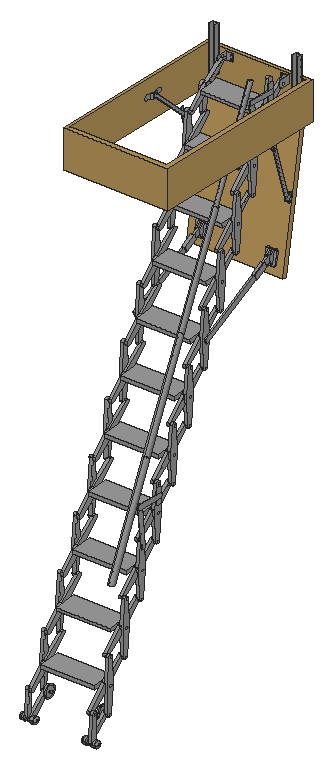
Revit family "schaartrap_Large 700x1200 mm", category Generic Models, Revit 2019 (continued)
Automatic sketch dimensions
  Extrusion 88 sketch curve to Extrusion 88 sketch curve = 13.998 mm
  Extrusion 88 sketch curve to plane 22 = 41.542 mm
  Extrusion 88 sketch curve to Extrusion 88 sketch curve = 0 mm  (x12)
  Extrusion 88 sketch curve to Extrusion 88 sketch curve = 6.458 mm
  Extrusion 88 sketch curve to Extrusion 88 sketch curve = 20 mm  (x10)
  Extrusion 88 sketch curve to Extrusion 88 sketch curve = 6.002 mm
  Extrusion 98 sketch curve to plane 20 = 2.056 mm
  Extrusion 98 sketch curve to plane 1 "Center (Front/Back)" = 155.896 mm
  Extrusion 98 sketch curve to plane 12 = 38.814 mm
  Extrusion 98 sketch curve to plane 22 = 207.245 mm
  Extrusion 98 sketch curve to plane 22 = 198.978 mm
  Extrusion 98 sketch curve to plane 19 = 35.672 mm
  plane 22 to Extrusion 98 sketch curve = 1104.638 mm
  Extrusion 98 sketch curve to Extrusion 98 sketch curve = 10.94 mm
  Extrusion 98 sketch curve to Extrusion 98 sketch curve = 0 mm  (x3)
  Extrusion 100 sketch curve to plane 1 "Center (Front/Back)" = 20 mm
  level to Extrusion 100 sketch curve = 20 mm
  Sweep 101 sketch curve to Sweep 101 sketch curve = 0 mm  (x2)
  Sweep 101 sketch curve to plane 1 "Center (Front/Back)" = 0 mm
  Sweep 101 sketch curve to Sweep 101 sketch curve = 20 mm
  level to Sweep 101 sketch curve = 20 mm
  Sweep 101 sketch curve to profile plane = 0 mm  (x2)
  Sweep 101 sketch curve to profile plane = 7.976 mm
  Sweep 101 sketch curve to Sweep 101 sketch curve = 2.281 mm
  Extrusion 102 sketch curve to plane 1 "Center (Front/Back)" = 20 mm
  level to Extrusion 102 sketch curve = 20 mm
  Sweep 103 sketch curve to Sweep 103 sketch curve = 0 mm  (x2)
  Sweep 103 sketch curve to plane 1 "Center (Front/Back)" = 0 mm
  Sweep 103 sketch curve to Sweep 103 sketch curve = 20 mm
  level to Sweep 103 sketch curve = 20 mm
  profile plane to Sweep 103 sketch curve = 0 mm
  Sweep 103 sketch curve to profile plane = 0 mm
  profile plane to Sweep 103 sketch curve = 7.976 mm
  Sweep 103 sketch curve to Sweep 103 sketch curve = 2.281 mm
  Extrusion 32 sketch curve to Extrusion 14 = 49.106 mm
  Extrusion 32 sketch curve to Extrusion 32 sketch curve = 10 mm  (x3)
  Extrusion 32 sketch curve to Extrusion 32 sketch curve = 73.838 mm
  Extrusion 32 sketch curve to Extrusion 32 sketch curve = 0 mm
  Extrusion 14 to Extrusion 32 sketch curve = 51.5 mm
  Extrusion 32 sketch curve to Extrusion 32 sketch curve = 51 mm
  Extrusion 41 sketch curve to Extrusion 14 = 49.106 mm
  Extrusion 41 sketch curve to Extrusion 41 sketch curve = 10 mm  (x3)
  Extrusion 41 sketch curve to Extrusion 41 sketch curve = 73.838 mm
  Extrusion 41 sketch curve to Extrusion 41 sketch curve = 0 mm
  Extrusion 14 to Extrusion 41 sketch curve = 122.5 mm
  Extrusion 41 sketch curve to Extrusion 41 sketch curve = 51 mm
  Extrusion 46 sketch curve to plane 17 = 44.5 mm
  Extrusion 46 sketch curve to Extrusion 46 sketch curve = 60 mm
  Extrusion 46 sketch curve to plane 17 = 10 mm
  Extrusion 53 sketch curve to plane 16 = 44.5 mm
  Extrusion 53 sketch curve to Extrusion 53 sketch curve = 60 mm
  Extrusion 53 sketch curve to plane 16 = 10 mm
  Extrusion 87 sketch curve to Extrusion 87 sketch curve = 0 mm  (x6)
  Extrusion 87 sketch curve to plane 17 = 25 mm
  Extrusion 87 sketch curve to Extrusion 87 sketch curve = 2 mm
  Extrusion 87 sketch curve to Extrusion 87 sketch curve = 1.001 mm
  plane 9 to Extrusion 87 sketch curve = 32.5 mm
  Extrusion 87 sketch curve to Extrusion 87 sketch curve = 1 mm
  Extrusion 87 sketch curve to plane 22 = 56 mm
  Extrusion 87 sketch curve to Extrusion 87 sketch curve = 26.999 mm
  Extrusion 89 sketch curve to Extrusion 89 sketch curve = 0 mm  (x4)
  Extrusion 89 sketch curve to plane 16 = 25 mm
  Extrusion 89 sketch curve to Extrusion 89 sketch curve = 2 mm
  Extrusion 89 sketch curve to Extrusion 89 sketch curve = 1.001 mm
  plane 7 to Extrusion 89 sketch curve = 32.5 mm
  Extrusion 89 sketch curve to Extrusion 89 sketch curve = 1 mm
  Extrusion 89 sketch curve to plane 22 = 26 mm
  Extrusion 89 sketch curve to Extrusion 89 sketch curve = 27 mm
  Extrusion 89 sketch curve to Extrusion 89 sketch curve = 26.999 mm
  curve 19 to plane 3 "Center (Left/Right)" = 25.981 mm
  plane 3 "Center (Left/Right)" to curve 16 = 25.981 mm
  curve 16 to plane 22 = 45 mm
  curve 1 to plane 1 "Center (Front/Back)" = 81.45 mm
  plane 23 to curve 1 = 137.015 mm
  plane 23 to curve 14 = 137.015 mm
  plane 23 to curve 13 = 137.015 mm
  curve 13 to curve 12 = 131.247 mm
  curve 12 to curve 11 = 131.246 mm
  curve 11 to curve 10 = 131.246 mm
  curve 10 to curve 9 = 131.246 mm
  curve 9 to curve 7 = 131.246 mm
  curve 7 to curve 6 = 131.246 mm
  curve 6 to curve 8 = 131.246 mm
  plane 17 to Extrusion 42 sketch curve = 1 mm
  Extrusion 42 sketch curve to plane 22 = 539.25 mm
  Extrusion 48 sketch curve to plane 20 = 0 mm
  Extrusion 48 sketch curve to plane 22 = 539.25 mm
  plane 16 to Extrusion 75 sketch curve = 1 mm
  Extrusion 75 sketch curve to plane 22 = 440.75 mm
  Extrusion 76 sketch curve to plane 19 = 0 mm
  Extrusion 76 sketch curve to plane 22 = 440.75 mm
  Extrusion 77 sketch curve to plane 21 = 7.045 mm
  Extrusion 77 sketch curve to plane 22 = 497.67 mm
  Extrusion 78 sketch curve to plane 12 = 57.668 mm
  Extrusion 78 sketch curve to plane 22 = 247.804 mm
  Extrusion 79 sketch curve to plane 8 = 0 mm
  Extrusion 79 sketch curve to plane 22 = 99.409 mm
  Extrusion 80 sketch curve to plane 22 = 77.381 mm
  Extrusion 81 sketch curve to plane 10 = 9.236 mm
  Extrusion 82 sketch curve to plane 22 = 105.409 mm
  Extrusion 85 sketch curve to plane 6 = 0 mm
  Extrusion 85 sketch curve to plane 22 = 26 mm
  Extrusion 86 sketch curve to plane 11 = 9.236 mm
  curve 8 to plane 10 = 0 mm
  curve 12 to plane 11 = 0 mm
  curve 13 to plane 10 = 0 mm
  curve 14 to plane 11 = 0 mm
  curve 16 to plane 3 "Center (Left/Right)" = 0 mm
  curve 18 to plane 3 "Center (Left/Right)" = 0 mm
  curve 19 to plane 3 "Center (Left/Right)" = 0 mm
  curve 5 to plane 14 = 0 mm
  curve 9 to plane 10 = 0 mm
  curve 11 to plane 10 = 0 mm
  curve 10 to plane 10 = 0 mm
  curve 12 to plane 10 = 0 mm
  curve 6 to plane 10 = 0 mm
  curve 7 to plane 10 = 0 mm
  curve 15 to plane 3 "Center (Left/Right)" = 0 mm
  curve 11 to plane 11 = 0 mm
  curve 8 to plane 11 = 0 mm
  curve 7 to plane 11 = 0 mm
  curve 6 to plane 11 = 0 mm
  curve 9 to plane 11 = 0 mm
  curve 10 to plane 11 = 0 mm
  curve 3 to plane 13 = 0 mm
  curve 2 to plane 23 = 0 mm
  curve 3 to plane 22 = 0 mm
  curve 14 to plane 22 = 0 mm
  curve 13 to plane 22 = 0 mm
  curve 18 to plane 22 = 0 mm
  curve 16 to plane 22 = 0 mm
  curve 15 to curve 17 = 0 mm
  curve 20 to plane 3 "Center (Left/Right)" = 0 mm
  curve 24 to plane 3 "Center (Left/Right)" = 0 mm
  plane 3 "Center (Left/Right)" to curve 21 = 34.056 mm
  curve 20 to curve 21 = 0 mm
  curve 20 to curve 24 = 117.973 mm
  curve 24 to plane 3 "Center (Left/Right)" = 34.056 mm
  curve 20 to curve 20 = 3660.24 mm
  Sweep 15 sketch curve to profile plane = 320 mm
  Sweep 15 sketch curve to profile plane = 70 mm
  Extrusion 57 sketch curve to Extrusion 57 sketch curve = 0 mm  (x102)
  Extrusion 57 sketch curve to Extrusion 57 sketch curve = 131.247 mm  (x6)
  Extrusion 57 sketch curve to Extrusion 57 sketch curve = 131.246 mm  (x18)
  Extrusion 57 sketch curve to Extrusion 57 sketch curve = 131.245 mm  (x3)
  Extrusion 57 sketch curve to Extrusion 57 sketch curve = 727.322 mm
  Extrusion 57 sketch curve to Extrusion 57 sketch curve = 10.989 mm
  Extrusion 57 sketch curve to Extrusion 57 sketch curve = 14.186 mm
  Extrusion 57 sketch curve to Extrusion 57 sketch curve = 9.23 mm
  Extrusion 57 sketch curve to Extrusion 57 sketch curve = 123.947 mm
  Extrusion 57 sketch curve to Extrusion 57 sketch curve = 8.573 mm
  Extrusion 57 sketch curve to Extrusion 57 sketch curve = 122.979 mm  (x2)
  Extrusion 57 sketch curve to Extrusion 57 sketch curve = 122.98 mm  (x7)
  Extrusion 57 sketch curve to Extrusion 57 sketch curve = 194.417 mm
  Extrusion 57 sketch curve to Extrusion 57 sketch curve = 2.408 mm
  Extrusion 57 sketch curve to Extrusion 57 sketch curve = 863.213 mm
  Extrusion 57 sketch curve to Extrusion 57 sketch curve = 131.305 mm
  Extrusion 57 sketch curve to Extrusion 57 sketch curve = 122.92 mm
  Extrusion 57 sketch curve to Extrusion 57 sketch curve = 136.849 mm
  Extrusion 57 sketch curve to Extrusion 57 sketch curve = 282.824 mm  (x6)
  Extrusion 57 sketch curve to Extrusion 57 sketch curve = 282.832 mm  (x18)
  Extrusion 57 sketch curve to Extrusion 57 sketch curve = 401.434 mm
  Extrusion 57 sketch curve to Extrusion 57 sketch curve = 11.889 mm
  Extrusion 57 sketch curve to Extrusion 57 sketch curve = 105.882 mm
  Extrusion 57 sketch curve to Extrusion 57 sketch curve = 6.895 mm
  Extrusion 57 sketch curve to Extrusion 57 sketch curve = 282.84 mm  (x3)
  Extrusion 57 sketch curve to Extrusion 57 sketch curve = 56.314 mm
  Extrusion 57 sketch curve to Extrusion 57 sketch curve = 282.071 mm
  Extrusion 57 sketch curve to Extrusion 57 sketch curve = 57.067 mm  (x2)
  Extrusion 57 sketch curve to Extrusion 57 sketch curve = 57.075 mm  (x6)
  Extrusion 57 sketch curve to Extrusion 57 sketch curve = 57.083 mm
  Extrusion 57 sketch curve to Extrusion 57 sketch curve = 525.346 mm
  Extrusion 57 sketch curve to Extrusion 57 sketch curve = 224.77 mm
  Extrusion 57 sketch curve to Extrusion 57 sketch curve = 56.573 mm
  Extrusion 57 sketch curve to Extrusion 57 sketch curve = 260.546 mm
  Extrusion 57 sketch curve to Extrusion 57 sketch curve = 321.693 mm
  Extrusion 57 sketch curve to Extrusion 57 sketch curve = 2.322 mm
  Extrusion 57 sketch curve to Extrusion 57 sketch curve = 8.303 mm  (x10)
  Extrusion 57 sketch curve to Extrusion 57 sketch curve = 21.833 mm  (x2)
  Extrusion 57 sketch curve to Extrusion 57 sketch curve = 7.139 mm
  Extrusion 57 sketch curve to Extrusion 57 sketch curve = 0.03 mm
  Extrusion 57 sketch curve to Extrusion 57 sketch curve = 13.769 mm  (x10)
  Extrusion 57 sketch curve to Extrusion 57 sketch curve = 21.832 mm  (x7)
  Extrusion 57 sketch curve to Extrusion 57 sketch curve = 6.187 mm  (x10)
  Extrusion 57 sketch curve to Extrusion 57 sketch curve = 0.004 mm  (x10)
  Extrusion 57 sketch curve to Extrusion 57 sketch curve = 8.529 mm  (x10)
  Extrusion 57 sketch curve to Extrusion 57 sketch curve = 21.892 mm
  Extrusion 57 sketch curve to Extrusion 57 sketch curve = 7.709 mm
  Extrusion 57 sketch curve to Extrusion 57 sketch curve = 142.785 mm
  Extrusion 57 sketch curve to Extrusion 57 sketch curve = 9.477 mm
  Extrusion 57 sketch curve to Extrusion 57 sketch curve = 6.201 mm
  Extrusion 57 sketch curve to Extrusion 57 sketch curve = 8.102 mm
  Extrusion 57 sketch curve to Extrusion 57 sketch curve = 0.035 mm
  Extrusion 57 sketch curve to Extrusion 57 sketch curve = 78.552 mm
  Extrusion 1 sketch curve to Extrusion 1 sketch curve = 0 mm  (x102)
  Extrusion 1 sketch curve to Extrusion 1 sketch curve = 131.247 mm  (x6)
  Extrusion 1 sketch curve to Extrusion 1 sketch curve = 131.246 mm  (x18)
  Extrusion 1 sketch curve to Extrusion 1 sketch curve = 131.245 mm  (x3)
  Extrusion 1 sketch curve to Extrusion 1 sketch curve = 727.322 mm
  Extrusion 1 sketch curve to Extrusion 1 sketch curve = 10.989 mm
  Extrusion 1 sketch curve to Extrusion 1 sketch curve = 14.186 mm
  Extrusion 1 sketch curve to Extrusion 1 sketch curve = 9.23 mm
  Extrusion 1 sketch curve to Extrusion 1 sketch curve = 123.947 mm
  Extrusion 1 sketch curve to Extrusion 1 sketch curve = 8.573 mm
  Extrusion 1 sketch curve to Extrusion 1 sketch curve = 122.979 mm  (x2)
  Extrusion 1 sketch curve to Extrusion 1 sketch curve = 122.98 mm  (x7)
  Extrusion 1 sketch curve to Extrusion 1 sketch curve = 194.417 mm
  Extrusion 1 sketch curve to Extrusion 1 sketch curve = 2.408 mm
  Extrusion 1 sketch curve to Extrusion 1 sketch curve = 863.213 mm
  Extrusion 1 sketch curve to Extrusion 1 sketch curve = 131.305 mm
  Extrusion 1 sketch curve to Extrusion 1 sketch curve = 122.92 mm
  Extrusion 1 sketch curve to Extrusion 1 sketch curve = 136.849 mm
  Extrusion 1 sketch curve to Extrusion 1 sketch curve = 282.824 mm  (x6)
  Extrusion 1 sketch curve to Extrusion 1 sketch curve = 282.832 mm  (x18)
  Extrusion 1 sketch curve to Extrusion 1 sketch curve = 401.434 mm
  Extrusion 1 sketch curve to Extrusion 1 sketch curve = 11.889 mm
  Extrusion 1 sketch curve to Extrusion 1 sketch curve = 105.882 mm
  Extrusion 1 sketch curve to Extrusion 1 sketch curve = 6.895 mm
  Extrusion 1 sketch curve to Extrusion 1 sketch curve = 282.84 mm  (x3)
  Extrusion 1 sketch curve to Extrusion 1 sketch curve = 56.314 mm
  Extrusion 1 sketch curve to Extrusion 1 sketch curve = 282.071 mm
  Extrusion 1 sketch curve to Extrusion 1 sketch curve = 57.067 mm  (x2)
  Extrusion 1 sketch curve to Extrusion 1 sketch curve = 57.075 mm  (x6)
  Extrusion 1 sketch curve to Extrusion 1 sketch curve = 57.083 mm
  Extrusion 1 sketch curve to Extrusion 1 sketch curve = 525.346 mm
  Extrusion 1 sketch curve to Extrusion 1 sketch curve = 224.77 mm
  Extrusion 1 sketch curve to Extrusion 1 sketch curve = 56.573 mm
  Extrusion 1 sketch curve to Extrusion 1 sketch curve = 260.546 mm
  Extrusion 1 sketch curve to Extrusion 1 sketch curve = 321.693 mm
  Extrusion 1 sketch curve to Extrusion 1 sketch curve = 2.322 mm
  Extrusion 1 sketch curve to Extrusion 1 sketch curve = 8.303 mm  (x10)
  Extrusion 1 sketch curve to Extrusion 1 sketch curve = 21.833 mm  (x2)
  Extrusion 1 sketch curve to Extrusion 1 sketch curve = 7.139 mm
  Extrusion 1 sketch curve to Extrusion 1 sketch curve = 0.03 mm
  Extrusion 1 sketch curve to Extrusion 1 sketch curve = 13.769 mm  (x10)
  Extrusion 1 sketch curve to Extrusion 1 sketch curve = 21.832 mm  (x7)
  Extrusion 1 sketch curve to Extrusion 1 sketch curve = 6.187 mm  (x10)
  Extrusion 1 sketch curve to Extrusion 1 sketch curve = 0.004 mm  (x10)
  Extrusion 1 sketch curve to Extrusion 1 sketch curve = 8.529 mm  (x10)
  Extrusion 1 sketch curve to Extrusion 1 sketch curve = 21.892 mm
  Extrusion 1 sketch curve to Extrusion 1 sketch curve = 7.709 mm
  Extrusion 1 sketch curve to Extrusion 1 sketch curve = 142.785 mm
  Extrusion 1 sketch curve to Extrusion 1 sketch curve = 9.477 mm
  Extrusion 1 sketch curve to Extrusion 1 sketch curve = 6.201 mm
  Extrusion 1 sketch curve to Extrusion 1 sketch curve = 8.102 mm
  Extrusion 1 sketch curve to Extrusion 1 sketch curve = 0.035 mm
  Extrusion 1 sketch curve to Extrusion 1 sketch curve = 78.552 mm
  Extrusion 8 sketch curve to Extrusion 8 sketch curve = 0 mm  (x102)
  Extrusion 8 sketch curve to Extrusion 8 sketch curve = 131.247 mm  (x6)
  Extrusion 8 sketch curve to Extrusion 8 sketch curve = 131.246 mm  (x18)
  Extrusion 8 sketch curve to Extrusion 8 sketch curve = 131.245 mm  (x3)
  Extrusion 8 sketch curve to Extrusion 8 sketch curve = 727.322 mm
  Extrusion 8 sketch curve to Extrusion 8 sketch curve = 10.989 mm
  Extrusion 8 sketch curve to Extrusion 8 sketch curve = 14.186 mm
  Extrusion 8 sketch curve to Extrusion 8 sketch curve = 9.23 mm
  Extrusion 8 sketch curve to Extrusion 8 sketch curve = 123.947 mm
  Extrusion 8 sketch curve to Extrusion 8 sketch curve = 8.573 mm
  Extrusion 8 sketch curve to Extrusion 8 sketch curve = 122.979 mm  (x2)
  Extrusion 8 sketch curve to Extrusion 8 sketch curve = 122.98 mm  (x7)
  Extrusion 8 sketch curve to Extrusion 8 sketch curve = 194.417 mm
  Extrusion 8 sketch curve to Extrusion 8 sketch curve = 2.408 mm
  Extrusion 8 sketch curve to Extrusion 8 sketch curve = 863.213 mm
  Extrusion 8 sketch curve to Extrusion 8 sketch curve = 131.305 mm
  Extrusion 8 sketch curve to Extrusion 8 sketch curve = 122.92 mm
  Extrusion 8 sketch curve to Extrusion 8 sketch curve = 136.849 mm
  Extrusion 8 sketch curve to Extrusion 8 sketch curve = 282.824 mm  (x6)
  Extrusion 8 sketch curve to Extrusion 8 sketch curve = 282.832 mm  (x18)
  Extrusion 8 sketch curve to Extrusion 8 sketch curve = 401.434 mm
  Extrusion 8 sketch curve to Extrusion 8 sketch curve = 11.889 mm
  Extrusion 8 sketch curve to Extrusion 8 sketch curve = 105.882 mm
  Extrusion 8 sketch curve to Extrusion 8 sketch curve = 6.895 mm
  Extrusion 8 sketch curve to Extrusion 8 sketch curve = 282.84 mm  (x3)
  Extrusion 8 sketch curve to Extrusion 8 sketch curve = 56.314 mm
  Extrusion 8 sketch curve to Extrusion 8 sketch curve = 282.071 mm
  Extrusion 8 sketch curve to Extrusion 8 sketch curve = 57.067 mm  (x2)
  Extrusion 8 sketch curve to Extrusion 8 sketch curve = 57.075 mm  (x6)
  Extrusion 8 sketch curve to Extrusion 8 sketch curve = 57.083 mm
  Extrusion 8 sketch curve to Extrusion 8 sketch curve = 525.346 mm
  Extrusion 8 sketch curve to Extrusion 8 sketch curve = 224.77 mm
  Extrusion 8 sketch curve to Extrusion 8 sketch curve = 56.573 mm
  Extrusion 8 sketch curve to Extrusion 8 sketch curve = 260.546 mm
  Extrusion 8 sketch curve to Extrusion 8 sketch curve = 321.693 mm
  Extrusion 8 sketch curve to Extrusion 8 sketch curve = 2.322 mm
  Extrusion 8 sketch curve to Extrusion 8 sketch curve = 8.303 mm  (x10)
  Extrusion 8 sketch curve to Extrusion 8 sketch curve = 21.833 mm  (x2)
  Extrusion 8 sketch curve to Extrusion 8 sketch curve = 7.139 mm
  Extrusion 8 sketch curve to Extrusion 8 sketch curve = 0.03 mm
  Extrusion 8 sketch curve to Extrusion 8 sketch curve = 13.769 mm  (x10)
  Extrusion 8 sketch curve to Extrusion 8 sketch curve = 21.832 mm  (x7)
  Extrusion 8 sketch curve to Extrusion 8 sketch curve = 6.187 mm  (x10)
  Extrusion 8 sketch curve to Extrusion 8 sketch curve = 0.004 mm  (x10)
  Extrusion 8 sketch curve to Extrusion 8 sketch curve = 8.529 mm  (x10)
  Extrusion 8 sketch curve to Extrusion 8 sketch curve = 21.892 mm
  Extrusion 8 sketch curve to Extrusion 8 sketch curve = 7.709 mm
  Extrusion 8 sketch curve to Extrusion 8 sketch curve = 142.785 mm
  Extrusion 8 sketch curve to Extrusion 8 sketch curve = 9.477 mm
  Extrusion 8 sketch curve to Extrusion 8 sketch curve = 6.201 mm
  Extrusion 8 sketch curve to Extrusion 8 sketch curve = 8.102 mm
  Extrusion 8 sketch curve to Extrusion 8 sketch curve = 0.035 mm
  Extrusion 8 sketch curve to Extrusion 8 sketch curve = 78.552 mm
  Extrusion 99 sketch curve to plane 21 = 3.654 mm
  Extrusion 99 sketch curve to plane 12 = 39.234 mm
  Extrusion 99 sketch curve to plane 19 = 17.539 mm
  Extrusion 99 sketch curve to Extrusion 99 sketch curve = 3.674 mm
  Extrusion 99 sketch curve to plane 19 = 38.989 mm
  Extrusion 99 sketch curve to Extrusion 99 sketch curve = 21.002 mm
  Extrusion 99 sketch curve to Extrusion 99 sketch curve = 10.55 mm
  Extrusion 99 sketch curve to Extrusion 99 sketch curve = 0 mm  (x2)
  Extrusion 99 sketch curve to plane 19 = 21.92 mm
  Extrusion 99 sketch curve to Extrusion 99 sketch curve = 20.819 mm
  Extrusion 99 sketch curve to plane 23 = 210.986 mm
  plane 20 to Extrusion 54 sketch curve = 19.034 mm
  plane 20 to Extrusion 88 sketch curve = 19.034 mm
  plane 25 "Center L/S" to Extrusion 98 sketch curve = 51.086 mm
  Extrusion 54 sketch curve to plane 19 = 10.966 mm
  Extrusion 54 sketch curve to plane 20 = 0.966 mm
  Extrusion 80 sketch curve to Extrusion 80 sketch curve = 0 mm
  Extrusion 80 sketch curve to plane 25 "Center L/S" = 36.701 mm
  plane 20 to Extrusion 81 sketch curve = 35.249 mm
  plane 20 to Extrusion 82 sketch curve = 25 mm
  Extrusion 83 sketch curve to Extrusion 83 sketch curve = 0 mm
  Extrusion 83 sketch curve to plane 25 "Center L/S" = 36.701 mm
  Extrusion 84 sketch curve to Extrusion 84 sketch curve = 0 mm
  Extrusion 84 sketch curve to plane 25 "Center L/S" = 36.701 mm
  Extrusion 86 sketch curve to plane 25 "Center L/S" = 21.001 mm
  Extrusion 88 sketch curve to plane 20 = 0.966 mm
  Extrusion 88 sketch curve to plane 21 = 5.966 mm
  radius of Sweep 16 sketch curve = 20 mm
  radius of Sweep 17 sketch curve = 17.5 mm
  radius of Sweep 18 sketch curve = 15 mm
  radius of Sweep 19 sketch curve = 12.5 mm
  radius of Sweep 23 sketch curve = 20 mm
  radius of Sweep 24 sketch curve = 17.5 mm
  radius of Sweep 25 sketch curve = 15 mm
  radius of Sweep 26 sketch curve = 12.5 mm
  radius of Extrusion 45 sketch curve = 4 mm
  radius of Extrusion 47 sketch curve = 4 mm
  radius of Extrusion 10 sketch curve = 5.05 mm  (x29)
  radius of Extrusion 10 sketch curve = 5 mm
  radius of Extrusion 3 sketch curve = 5.05 mm  (x29)
  radius of Extrusion 3 sketch curve = 5 mm
  radius of Extrusion 55 sketch curve = 21 mm  (x11)
  radius of Extrusion 68 sketch curve = 4 mm
  radius of Extrusion 69 sketch curve = 4 mm
  radius of Extrusion 59 sketch curve = 5.05 mm  (x29)
  radius of Extrusion 59 sketch curve = 5 mm
  radius of Extrusion 74 sketch curve = 21 mm  (x11)
  radius of Extrusion 37 sketch curve = 5.25 mm  (x2)
  radius of Extrusion 33 sketch curve = 5.25 mm  (x2)
  radius of Extrusion 63 sketch curve = 5.25 mm  (x2)
  radius of Extrusion 54 sketch curve = 5.25 mm  (x14)
  radius of Extrusion 70 sketch curve = 20 mm
  radius of Extrusion 72 sketch curve = 20 mm
  radius of Extrusion 88 sketch curve = 5.25 mm  (x14)
  radius of Extrusion 100 sketch curve = 20 mm
  radius of Extrusion 102 sketch curve = 20 mm
